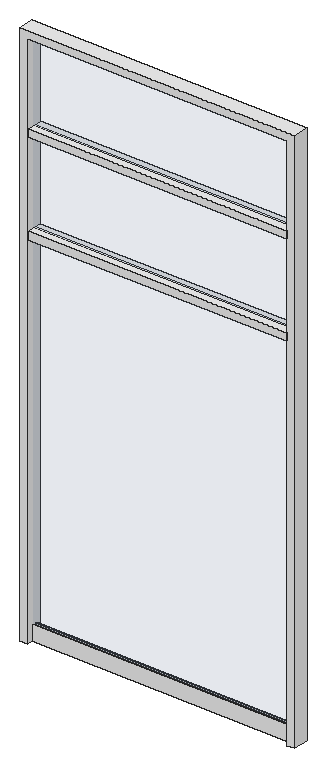
Revit family
Parameters
  프레임 투영 외부. = 25 mm
  프레임 투영 내부. = 25 mm
  프레임 폭 = 75 mm
  Height = 3600 mm
  Wall Closure = (empty or 0)
  Width = 1800 mm
  문 두께 = 100 mm
  문 패널 = SSD5 문 패널
  문 높이 = 2400 mm
  문 프레임 = SSD5 문 프레임
Reference planes
  plane 1: y = 0
  plane 2 "왼쪽": x = -2125
  plane 3 "오른쪽": x = -325
  plane 4: z = 3600
  plane 5 "외부": y = 75
  plane 6 "내부": y = -75
  plane 7: x = -2075
  plane 8: x = -375
  plane 9: y = 50
  plane 10: y = -50
  plane 11: z = 3550
  plane 12: z = 2375
  plane 13: z = 2425
  plane 14: z = 2275
  plane 15: z = 100
  plane 16: y = 6
  plane 17: y = -6
  plane 18: y = 16
  plane 19: y = -16
  plane 20: x = -1225
  plane 21: z = 2400
  plane 22: z = 3000
  plane 23: z = 2975
  plane 24: z = 3025
Forms (mm)
  Sweep 1, solid, material "SSD5 문 프레임" <- "문 프레임"
    path origin (0, 75, 0) x (1, 0, 0) y (0, 0, 1)
      loop
        line (-325, 0) -> (-325, 3600) -> (-2125, 3600) -> (-2125, 0)
    profile origin (-325, 75, 1800) x (-1, 0, 0) y (0, -1, 0)
      loop
        line (50, 25) -> (50, 125) -> (0, 125) -> (0, 25) -> (50, 25)
  Extrusion 2, solid, material "SSD5 문 패널" <- "문 패널"
    sketch origin (0, 0, 0) x (1, 0, 0) y (0, 1, 0)
      loop
        line (-2075, 6) -> (-2075, -6) -> (-375, -6) -> (-375, 6) -> (-2075, 6)
    from 0 to 2375
  Extrusion 3, solid, material "SSD5 문 프레임" <- "문 프레임"
    sketch origin (0, 0, 0) x (1, 0, 0) y (0, 1, 0)
      loop
        line (-2075, 6) -> (-375, 6) -> (-375, 16) -> (-2075, 16) -> (-2075, 6)
      loop
        line (-2075, -16) -> (-375, -16) -> (-375, -6) -> (-2075, -6) -> (-2075, -16)
    from 0 to 100
  Extrusion 4, solid, material "SSD5 문 패널" <- "문 패널"
    sketch origin (-2581.693, 300, 2375) x (0, 1, 0) y (1, 0, 0)
      loop
        line (-294, 506.693) -> (-294, 2256.693) -> (-306, 2256.693) -> (-306, 506.693) -> (-294, 506.693)
    from -50 to -600
  Extrusion 5, solid, material "SSD5 문 패널" <- "문 패널"
    sketch origin (-2581.693, 300, 2375) x (0, 1, 0) y (1, 0, 0)
      loop
        line (-294, 456.693) -> (-294, 2206.693) -> (-306, 2206.693) -> (-306, 456.693) -> (-294, 456.693)
    from -650 to -1175
  Extrusion 6, solid, material "SSD5 문 프레임" <- "문 프레임"
    sketch origin (-2581.693, 300, 2375) x (0, 1, 0) y (1, 0, 0)
      loop
        line (-250, 506.693) -> (-250, 2206.693) -> (-350, 2206.693) -> (-350, 506.693) -> (-250, 506.693)
    from 0 to -50
  Extrusion 7, solid, material "SSD5 문 프레임" <- "문 프레임"
    sketch origin (-2581.693, 300, 3000) x (0, 1, 0) y (1, 0, 0)
      loop
        line (-250, 506.693) -> (-250, 2206.693) -> (-350, 2206.693) -> (-350, 506.693) -> (-250, 506.693)
    from -25 to 25
Lines and regions (mm)
  Opening 1
    outline origin (-3050, -75, 0) x (1, 0, 0) y (0, 0, 1)
      loop
        line (925, 0) -> (2725, 0) -> (2725, 3600) -> (925, 3600) -> (925, 0)
Text (mm)
  text "외부" at (-2295.016, 1099.543, 0), in view "참조 레벨"
  text "외부" at (0, 1615.38, 3698.081), in view "왼쪽"
  text "외부" at (0, 1036.032, 3874.932), in view "오른쪽"
Dimensions and locks
  plane 2 "왼쪽" to plane 3 "오른쪽" = 1800 mm
  "Width": plane 2 "왼쪽" to plane 3 "오른쪽"
  "Height": plane 4 to host wall
  "문 높이": host wall to plane 21
  host wall to plane 4 = 3600 mm
  locked: plane 5 "외부" to host wall at 0
  locked: plane 6 "내부" to host wall
  locked: plane 2 "왼쪽" to plane 7 at 50
  locked: plane 8 to plane 3 "오른쪽" at 50
  "문 두께": plane 9 to plane 10
  locked: plane 11 to plane 4 at 50
  locked: plane 12 to plane 13 at 50
  locked: plane 14 to plane 12 at 100
  locked: level to plane 15 at 100
  plane 16 to host wall to plane 17 = 6 mm locked, 6 mm locked
  locked: plane 17 to plane 19 at 10
  locked: plane 18 to plane 16 at 10
  locked: plane 12 to plane 21 at 25
  equal spacing: plane 21, plane 22, plane 4
  plane 23 to plane 22 to plane 24 = 25 mm locked, 25 mm locked
  equal spacing: plane 2 "왼쪽", plane 20, plane 3 "오른쪽"
  equal spacing: plane 9, plane 1, plane 10
  aligned and locked: plane 2 "왼쪽" to Opening 1 sketch curve
  aligned and locked: plane 4 to Opening 1 sketch curve  (x2)
  aligned and locked: Opening 1 sketch curve to plane 3 "오른쪽"
  aligned and locked: Opening 1 sketch curve to level
  aligned and locked: host wall to plane 1
  aligned and locked: Sweep 1 sketch curve to plane 2 "왼쪽"
  aligned and locked: plane 4 to Sweep 1 sketch curve
  aligned and locked: plane 3 "오른쪽" to Sweep 1 sketch curve
  aligned and locked: plane 8 to Sweep 1 sketch curve
  aligned and locked: host wall to Sweep 1 sketch curve
  aligned and locked: Sweep 1 sketch curve to plane 9
  aligned and locked: plane 10 to Sweep 1 sketch curve
  aligned and locked: plane 11 to Sweep 1
  aligned and locked: plane 7 to Extrusion 2 sketch curve
  aligned and locked: Extrusion 2 sketch curve to plane 16
  aligned and locked: plane 17 to Extrusion 2 sketch curve
  aligned and locked: Extrusion 3 sketch curve to Extrusion 2  (x2)
  aligned and locked: plane 18 to Extrusion 3 sketch curve
  aligned and locked: plane 7 to Extrusion 3 sketch curve
  aligned and locked: Extrusion 3 sketch curve to plane 19
  aligned and locked: Extrusion 2 to Extrusion 3 sketch curve
  aligned and locked: Extrusion 2 to plane 12
  aligned and locked: plane 15 to Extrusion 3
  aligned and locked: Extrusion 2 to Extrusion 4 sketch curve
  aligned and locked: Extrusion 4 sketch curve to Extrusion 2  (x2)
  aligned and locked: Extrusion 5 sketch curve to Extrusion 2
  aligned and locked: plane 13 to Extrusion 4
  aligned and locked: Extrusion 5 to Sweep 1
  aligned and locked: Extrusion 6 to plane 13
  aligned and locked: plane 24 to Extrusion 5
  aligned and locked: plane 3 "오른쪽" to Extrusion 4 sketch curve
  aligned and locked: Extrusion 5 sketch curve to plane 2 "왼쪽"
  aligned and locked: plane 8 to Extrusion 5 sketch curve
  aligned and locked: Extrusion 7 sketch curve to Sweep 1  (x2)
  aligned and locked: plane 9 to Extrusion 7 sketch curve
  aligned and locked: plane 10 to Extrusion 7 sketch curve
  aligned and locked: Extrusion 7 to Extrusion 5
  aligned and locked: Extrusion 7 to Extrusion 4
  aligned and locked: Extrusion 6 sketch curve to Sweep 1
  aligned and locked: plane 8 to Extrusion 6 sketch curve
  aligned and locked: Extrusion 3 sketch curve to plane 8  (x2)
  aligned and locked: plane 8 to Extrusion 2 sketch curve
  aligned and locked: plane 23 to Extrusion 7
Automatic sketch dimensions
  Sweep 1 sketch curve to level = 0 mm  (x2)
  Extrusion 6 sketch curve to plane 10 = 0 mm
  Extrusion 6 sketch curve to plane 9 = 0 mm
  Extrusion 5 sketch curve to plane 16 = 0 mm
